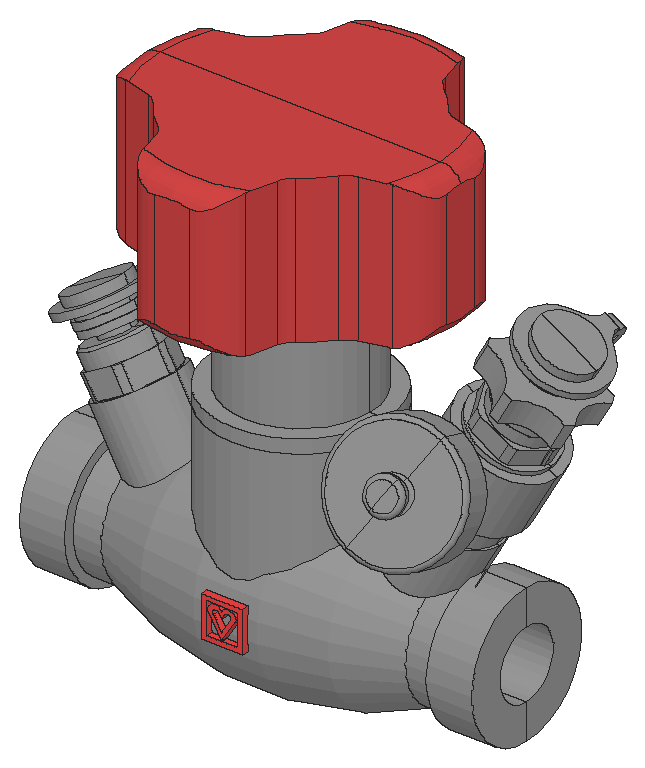
Revit family "HERZ Strömax клапан балансировочный с измерительными клапанами 4217 GML (LF-MF)", category Rohrzubehör, Revit 2021
Family settings
  Bemaßung runder Anschluss = Durchmesser verwenden
  Teiletyp = Unterbricht
  OmniClass-Nummer = 23.65.55.14
  OmniClass-Titel = Valves for Liquid Services
  Arbeitsebenenbasiert = Nein
  Immer vertikal = Ja
  Beim Laden mit Abzugskörper schneiden = Nein
  Gemeinsam genutzt = Nein
Parameters (values of type "LF")
  Среда = "Качество теплоносителя в соответствии с ÖNORM H5195 и VDI 2035.\r\nДопускается использование этилен- и пропиленгликоля в соотношении 25-50% с водой."
  Положение клапана при монтаже = "Неподнимающийся шпиндель, расположенный перпендикулярно оси клапана, обеспечивает доступность и лёгкость в обслуживании в любом монтажном положении."
  Область применения = "Балансировочные клапаны применяются для гидравлической балансировки систем отопления и охлаждения, регулировки магистральных трубопроводов, стояков, теплообменников, регистров отопления и охлаждения."
  Номер заказа [instance] = if(and(LF, Nennweite = 15.00 mm), 1421710, if(and(MF, Nennweite = 15.00 mm), 1421719, 0))  # 1421710
  Макс. рабочее давление = 1600000.0 Pa  # constant formula
  Макс. рабочая температура (с DN40) = 110 °C  # constant formula
  Макс. рабочая температура (до DN32) = 130 °C  # constant formula
  Корпус = "латунь, устойчивая к селективной цинковой коррозии"  # constant formula
  Исполнение = "STRÖMAX-GML Балансировочный клапан с измерительными клапанами и подключением импульсной трубки, 1/2′′ – 3′′.\r\nИсполнение с прямым невыдвижным шпинделем, муфта х муфта, латунный корпус без покрытия, уплотнение шпинделя двойным кольцевым уплотнением O-Ring, преднастройка посредством ограничения хода внутреннего шпинделя, цифровые показания степени настройки отображаются в окне маховика.\r\nОдин измерительный клапан расположен перед седлом балансировочного клапана, другой измерительный клапан с возможностью подключения импульсной трубки - после седла."
  Измерение перепада давления = "Клапаны STRÖMAX-GML оснащен двумя измерительными клапанами:\r\nс помощью измерительного прибора можно измерить перепад давления и по нему определить текущий расход в зависимости от степени преднастройки.\r\nHERZ Измерительный компьютер (1 8900 05) позволяет напрямую считывать расход (см. руководство к измерительным приборам)."
  kvs-значения [instance] = if(and(LF, Nennweite = 15.00 mm), 0.93, if(and(MF, Nennweite = 15.00 mm), 3.49, 0))  # 0.93
  W02 = 60.00°  # constant formula
  W01 = 30.00°  # constant formula
  Vorgabe-Ansicht = 0.00 mm
  URL = "www.herz-armaturen.ru"
  SC_NennweiteBerechnet = 0
  SC_Dimension = ""
  SCRNSEQ = "ARM;ARM_TYP=\"STRV\";2"
  SCRNCODE = "05;07;02"  # constant formula
  S02 = 60.00 mm  # constant formula
  S01 [instance] = H00 + H01  # 68.20 mm
  R01 [instance] = 21.00 mm  # constant formula
  Nennweite [instance] = 15.00 mm
  ML02 [instance] = 30.20 mm  # constant formula
  ML01 [instance] = 20.67 mm  # constant formula
  MF [instance] = no
  MD01 = 9.50 mm  # constant formula
  LF [instance] = yes
  L02 [instance] = 10.00 mm  # constant formula
  L01 [instance] = 16.30 mm  # constant formula
  L00 [instance] = 100.00 mm  # constant formula
  IG [instance] = Nennweite / 2  # 7.50 mm
  Hersteller = "HERZ Armaturen Ges.m.b.H."  # constant formula
  H04 [instance] = 2.50 mm  # constant formula
  H03 = 10.00 mm  # constant formula
  H02 [instance] = 3.00 mm  # constant formula
  H01 [instance] = 33.30 mm  # constant formula
  H00 [instance] = 34.90 mm  # constant formula
  Вес [instance] = if(and(LF, Nennweite = 15.00 mm), "0.98 kg", if(and(MF, Nennweite = 15.00 mm), "0.97 kg", "0 kg"))  # "0.98 kg"
  GT [instance] = 15.00 mm  # constant formula
  DN50-DN80 [instance] = H00 + H01  # 68.20 mm
  DN15-DN40 [instance] = H00 + H01  # 68.20 mm
  DN15 [instance] = Nennweite = 15.00 mm  # yes
  D06 [instance] = 15.40 mm  # constant formula
  D05 [instance] = 13.15 mm  # constant formula
  D04 = 9.00 mm  # constant formula
  D03 [instance] = 19.00 mm  # constant formula
  D02 [instance] = 15.25 mm  # constant formula
  D01 [instance] = 13.20 mm  # constant formula
Types (3, lengths in mm): name | Номер заказа | kvs-значения | MF | LF | Вес
  (no name) | 1421710 | 0.93 | no | yes | "0.98 kg"
  LF | 1421710 | 0.93 | no | yes | "0.98 kg"
  MF | 1421719 | 3.49 | yes | no | "0.97 kg"
Reference planes
  plane 1 "Mitte (Vorne/hinten)": y = 0
  plane 2: z = 0
  plane 3 "Mitte (Links/rechts)": x = 0
Forms (mm)
  Revolve 1, solid, material "Messing, weicher Gelbton, geschweißt", detail levels fine
    sketch origin (0, 0, 0) x (1, 0, 0) y (0, 0, 1)
      loop
        line (-50, 15.25) -> (-50, 7.5) -> (-35, 7.5) -> (-35, 0) -> (35, 0) -> (35, 7.5) -> (50, 7.5) -> (50, 15.25) -> (40, 15.25) -> (40, 13.2) -> (33.7, 13.2)
        arc (33.7, 13.2) -> (0, 21) -> (-33.7, 13.2) r 76.701
        line (-33.7, 13.2) -> (-40, 13.2) -> (-40, 15.25) -> (-50, 15.25)
      axis (-50, 0) -> (50, 0)
    angle from 0 to 360
  Revolve 2, solid, material "Messing, weicher Gelbton, geschweißt", detail levels fine
    sketch origin (0, 0, 0) x (1, 0, 0) y (0, 0, 1)
      loop
        line (20.67, 0) -> (35.77, 26.154) -> (27.543, 30.904) -> (12.443, 4.75) -> (20.67, 0)
      axis (20.67, 0) -> (35.77, 26.154)
    angle from 0 to 360
  Revolve 3, solid, material "Messing, weicher Gelbton, geschweißt", detail levels fine
    sketch origin (0, 0, 0) x (1, 0, 0) y (0, 0, 1)
      loop
        line (0, 0) -> (0, 34.9) -> (-19, 34.9) -> (-19, 0) -> (0, 0)
      axis (0, 34.9) -> (0, 0)
    angle from 0 to 360
  Revolve 4, solid, material "Messing, weicher Gelbton, geschweißt", detail levels fine
    sketch origin (0, 0, 0) x (-1, 0, 0) y (0, 0, 1)
      loop
        line (20.67, 0) -> (35.77, 26.154) -> (27.543, 30.904) -> (12.443, 4.75) -> (20.67, 0)
      axis (20.67, 0) -> (35.77, 26.154)
    angle from 0 to 360
  Revolve 5, solid, material "Messing, weicher Gelbton, geschweißt", detail levels fine
    sketch origin (0, 0, 0) x (1, 0, 0) y (0, 0, 1)
      loop
        line (0, 34.9) -> (0, 68.2) -> (-9, 68.2) -> (-9, 58.2) -> (-13.15, 58.2) -> (-13.15, 55.7) -> (-15.4, 55.7) -> (-15.4, 37.9) -> (-19, 37.9) -> (-19, 34.9) -> (0, 34.9)
      axis (0, 68.2) -> (0, 34.9)
    angle from 0 to 360
Lines and regions (mm)
  model lines, detail levels coarse+medium
    curve 1: line (-50, 0, 15.25) -> (-50, 0, -15.25)
    curve 2: line (-50, 0, -15.25) -> (50, 0, 15.25)
    curve 3: line (50, 0, 15.25) -> (50, 0, -15.25)
    curve 4: line (50, 0, -15.25) -> (-50, 0, 15.25)
    curve 5: line (0, 0, 0) -> (39.375, 0, 68.2)
    curve 6: line (13.395, 0, 83.2) -> (65.356, 0, 53.2)
    curve 7: line (-50, 15.25, 0) -> (-50, -15.25, 0)
    curve 8: line (-50, -15.25, 0) -> (50, 15.25, 0)
    curve 9: line (50, 15.25, 0) -> (50, -15.25, 0)
    curve 10: line (50, -15.25, 0) -> (-50, 15.25, 0)
    curve 11: line (0, 0, 0) -> (39.375, 68.2, 0)
    curve 12: line (13.395, 83.2, 0) -> (65.356, 53.2, 0)
Dimensions and locks
  "IG": Revolve 1 sketch curve to plane 2
  "GT": Revolve 1 sketch curve to Revolve 1 sketch curve  (x2)
  "IG": Revolve 1 sketch curve to Revolve 1 sketch curve
  "D01": Revolve 1 sketch curve to Revolve 1 sketch curve  (x2)
  "R01": Revolve 1 sketch curve to Revolve 1 sketch curve
  "L02": Revolve 1 sketch curve to Revolve 1 sketch curve  (x2)
  "L01": Revolve 1 sketch curve to Revolve 1 sketch curve  (x2)
  "D02": Revolve 1 sketch curve to plane 2  (x2)
  equal spacing: Revolve 1 sketch curve, plane 3 "Mitte (Links/rechts)", Revolve 1 sketch curve
  "L00": Revolve 1 sketch curve to Revolve 1 sketch curve
  "R01": nested 1 to plane 1 "Mitte (Vorne/hinten)"
  "ML01": Revolve 2 sketch curve to plane 3 "Mitte (Links/rechts)"
  "H00": Revolve 3 sketch curve to plane 2
  "D03": Revolve 3 sketch curve to Revolve 3 sketch curve
  "ML02": Revolve 2 sketch curve to Revolve 2 sketch curve
  "MD01": Revolve 2 sketch curve to Revolve 2 sketch curve  (x2)
  "ML02": Revolve 4 sketch curve to Revolve 4 sketch curve
  "MD01": Revolve 4 sketch curve to Revolve 4 sketch curve  (x2)
  "ML01": plane 3 "Mitte (Links/rechts)" to Revolve 4 sketch curve
  "H00": Revolve 5 sketch curve to plane 2
  "H01": Revolve 5 sketch curve to Revolve 5 sketch curve
  "D04": Revolve 5 sketch curve to Revolve 5 sketch curve
  "D03": Revolve 5 sketch curve to Revolve 5 sketch curve
  "D05": Revolve 5 sketch curve to Revolve 5 sketch curve
  "D06": Revolve 5 sketch curve to Revolve 5 sketch curve
  "H02": Revolve 5 sketch curve to Revolve 5 sketch curve
  "H03": Revolve 5 sketch curve to Revolve 5 sketch curve
  "H04": Revolve 5 sketch curve to Revolve 5 sketch curve
  "DN15-DN40": nested 2 to plane 2
  "D02": curve 4 to plane 2 to curve 2
  "D02": curve 3 to plane 2 to curve 4
  equal spacing: curve 1, plane 3 "Mitte (Links/rechts)", curve 3
  "L00": curve 1 to curve 3
  equal spacing: Revolve 1, curve 5, Revolve 1
  "S01": curve 5 to plane 2
  equal spacing: curve 6, curve 5, curve 6
  "S02": curve 6 to curve 6
  "D02": curve 8 to plane 1 "Mitte (Vorne/hinten)" to curve 10
  "D02": curve 10 to plane 1 "Mitte (Vorne/hinten)" to curve 9
  equal spacing: curve 7, plane 3 "Mitte (Links/rechts)", curve 9
  "L00": curve 7 to curve 9
  equal spacing: curve 7, curve 11, curve 9
  "S01": plane 1 "Mitte (Vorne/hinten)" to curve 11
  equal spacing: curve 12, curve 11, curve 12
  "S02": curve 12 to curve 12
  "W01": angle Revolve 2 sketch curve to plane 3 "Mitte (Links/rechts)"  (x2)
  "W01": angle plane 3 "Mitte (Links/rechts)" to Revolve 4 sketch curve  (x2)
  "W02": angle plane 2 to curve 5
  "W02": angle plane 1 "Mitte (Vorne/hinten)" to curve 11
  aligned and locked: level to plane 2
Automatic sketch dimensions
  Revolve 1 sketch curve to level = 0.00 mm  (x2)
  Revolve 1 sketch curve to Revolve 1 sketch curve = 1429.986 mm
  Revolve 1 sketch curve to Revolve 1 sketch curve = 1762.604 mm
  Revolve 2 sketch curve to level = 0.00 mm  (x2)
  Revolve 3 sketch curve to level = 0.00 mm
  Revolve 3 sketch curve to plane 3 "Mitte (Links/rechts)" = 0.00 mm  (x2)
  Revolve 3 sketch curve to Revolve 3 sketch curve = 366.045 mm
  Revolve 3 sketch curve to Revolve 3 sketch curve = 2179.415 mm
  Revolve 4 sketch curve to level = 0.00 mm  (x2)
  Revolve 5 sketch curve to plane 3 "Mitte (Links/rechts)" = 0.00 mm  (x2)
  Revolve 5 sketch curve to level = 366.045 mm
  Revolve 5 sketch curve to Revolve 5 sketch curve = 2146.115 mm
Nested families
  nested 1: "Herz-Logo-vorne" at (0, -21, 0) x (0, 1, 0) z (0, 0, 1), type "Herz-Logo-vorne", detail levels fine
  nested 2: "Strangregulierventil-Handrad-Gerade (Rot) DN15-DN40" at (0, 0, 68.2), visible <- "DN15", type "Strangregulierventil-Handrad-Gerade (Rot) DN15-DN40", detail levels fine
    with Nennweite 0.00 mm, Gewicht 0.00 kg, Bestellnummer 0
  nested 3: "Messstutzen_Band-KFE_Austritt_30Grad_(oben)" at (41.17, 0, 35.507), visible <- "DN15", type "Messstutzen_Band_Austritt_30Grad_(oben)", detail levels fine
    with Schutzkappe yes, Nennweite 0.00 mm, Gewicht 0.00 kg, Bestellnummer 0
  nested 4: "Messstutzen_Band_Eintritt_30Grad_(oben)" at (-27.02, 0, 10.999) x (-1, 0, 0) z (0, 0, 1), visible <- "DN15", type "Messstutzen_Band_Eintritt_30Grad_(oben)", detail levels fine
    with Schutzkappe yes, Nennweite 0.00 mm, Gewicht 0.00 kg, Bestellnummer 0
Connectors
  piping at (-35, 0, 0), diameter 15, driven by "Nennweite"
    settings: on Revolve 1, index 1, connector inside diameter 609.6 mm, connector length 0.00 mm, flow factor 0, pipe flow 0.0 L/s, pressure drop 0.0 Pa, fitting loss kfactor 0, connector angle 0.00°, fixture units 0, engagement length 0.00 mm, angle of deflection 0.00°, flow configuration 0, flow direction 1, fitting loss method 0, system type 29, joint type 0, gender type 0, connector reference index -1, connector utility 0, adjustable connector no, is connector primary yes, connector description ""
  piping at (35, 0, 0), diameter 15, driven by "Nennweite"
    settings: on Revolve 1, index 2, connector inside diameter 609.6 mm, connector length 0.00 mm, flow factor 0, pipe flow 0.0 L/s, pressure drop 0.0 Pa, fitting loss kfactor 0, connector angle 0.00°, fixture units 0, engagement length 0.00 mm, angle of deflection 0.00°, flow configuration 0, flow direction 2, fitting loss method 0, system type 29, joint type 0, gender type 0, connector reference index -1, connector utility 0, adjustable connector no, is connector primary no, connector description ""
Definition of nested family "Herz-Logo-vorne"
  Parameters (values of type "Herz-Logo-vorne")
    Default Elevation = 0.00 mm
  Reference planes
    plane 1 "Mitte (Vorne/hinten)": y = 0
    plane 2: z = 0
    plane 3 "Mitte (Links/rechts)": x = 0
  Forms (mm)
    Extrusion 1, solid
      sketch origin (0.732, -0.018, 0.017) x (0, -1, 0) y (0, 0, 1)
        loop
          line (-0.018, -4.517) -> (4.482, -4.517) -> (4.482, 4.483) -> (-4.518, 4.483) -> (-4.518, -4.517) -> (-0.018, -4.517)
        loop
          line (-0.05, -3.48) -> (3.482, -3.48) -> (3.482, 3.483) -> (-3.518, 3.483) -> (-3.518, -3.48) -> (-0.05, -3.48)
        loop
          arc (-0.018, 2.383) -> (-1.543, 3.287) -> (-3.067, 2.383) r 1.738
          arc (-3.067, 2.383) -> (-3.191, 1.899) -> (-3.067, 1.415) r 1.009
          line (-3.067, 1.415) -> (-0.018, -3.281) -> (3.032, 1.415)
          arc (3.032, 1.415) -> (3.156, 1.899) -> (3.032, 2.383) r 1.009
          arc (3.032, 2.383) -> (1.507, 3.287) -> (-0.018, 2.383) r 1.738
        loop
          arc (1.885, 1.272) -> (2.005, 1.675) -> (1.885, 2.079) r 0.74
          arc (1.885, 2.079) -> (1.265, 2.416) -> (0.644, 2.079) r 0.74
          line (0.644, 2.079) -> (-0.018, 0.97) -> (-0.679, 2.079)
          arc (-0.679, 2.079) -> (-1.3, 2.416) -> (-1.921, 2.079) r 0.74
          arc (-1.921, 2.079) -> (-2.04, 1.675) -> (-1.921, 1.272) r 0.74
          line (-1.921, 1.272) -> (-0.018, -1.658) -> (1.885, 1.272)
      from 0 to 1.5
  Dimensions and locks
    aligned and locked: level to plane 2
Definition of nested family "Strangregulierventil-Handrad-Gerade (Rot) DN15-DN40"
  Parameters (values of type "Strangregulierventil-Handrad-Gerade (Rot) DN15-DN40")
    Default Elevation = 0.00 mm
    URL = "www.herz-armaturen.at"
    Nennweite [instance] = 0.00 mm
    Manufacturer = "Herz Armaturen GmbH"  # constant formula
    Gewicht [instance] = 0.00 kg
    Bestellnummer [instance] = 0
  Reference planes
    plane 1 "Mitte (Vorne/hinten)": y = 0
    plane 2: z = 0
    plane 3 "Mitte (Links/rechts)": x = 0
  Forms (mm)
    Revolve 1, solid, detail levels fine
      sketch origin (0, 0, 0) x (1, 0, 0) y (0, 0, 1)
        loop
          line (0, 0) -> (0, 24.95) -> (-30.992, 24.95)
          arc (-30.992, 24.95) -> (-34.37, 23.636) -> (-35.973, 20.386) r 5
          line (-35.973, 20.386) -> (-37, 8.65) -> (-35.986, -2.936)
          arc (-35.986, -2.936) -> (-34.383, -6.186) -> (-31.005, -7.5) r 5
          line (-31.005, -7.5) -> (-15, -7.5) -> (-15, 0) -> (0, 0)
        axis (0, 24.95) -> (0, -7.5)
      angle from 0 to 360
    Extrusion 2, void
      sketch origin (0, 0, 20.3) x (1, 0, 0) y (0, 1, 0)
        loop
          line (3.861, 35.5) -> (-3.861, 35.5)
          arc (-3.861, 35.5) -> (-8.731, 33.847) -> (-11.589, 29.571) r 8
          line (-11.589, 29.571) -> (-13.284, 23.245)
          arc (-13.284, 23.245) -> (-13.982, 21.722) -> (-15.144, 20.516) r 5
          arc (-15.144, 20.516) -> (-18.031, 18.031) -> (-20.516, 15.144) r 25.5
          arc (-20.516, 15.144) -> (-21.722, 13.982) -> (-23.245, 13.284) r 5
          line (-23.245, 13.284) -> (-29.571, 11.589)
          arc (-29.571, 11.589) -> (-33.847, 8.731) -> (-35.5, 3.861) r 8
          line (-35.5, 3.861) -> (-35.5, -3.861)
          arc (-35.5, -3.861) -> (-33.847, -8.731) -> (-29.571, -11.589) r 8
          line (-29.571, -11.589) -> (-23.245, -13.284)
          arc (-23.245, -13.284) -> (-21.722, -13.982) -> (-20.516, -15.144) r 5
          arc (-20.516, -15.144) -> (-18.031, -18.031) -> (-15.144, -20.516) r 25.5
          arc (-15.144, -20.516) -> (-13.982, -21.722) -> (-13.284, -23.245) r 5
          line (-13.284, -23.245) -> (-11.589, -29.571)
          arc (-11.589, -29.571) -> (-8.731, -33.847) -> (-3.861, -35.5) r 8
          line (-3.861, -35.5) -> (3.861, -35.5)
          arc (3.861, -35.5) -> (8.731, -33.847) -> (11.589, -29.571) r 8
          line (11.589, -29.571) -> (13.284, -23.245)
          arc (13.284, -23.245) -> (13.982, -21.722) -> (15.144, -20.516) r 5
          arc (15.144, -20.516) -> (18.031, -18.031) -> (20.516, -15.144) r 25.5
          arc (20.516, -15.144) -> (21.722, -13.982) -> (23.245, -13.284) r 5
          line (23.245, -13.284) -> (29.571, -11.589)
          arc (29.571, -11.589) -> (33.847, -8.731) -> (35.5, -3.861) r 8
          line (35.5, -3.861) -> (35.5, 3.861)
          arc (35.5, 3.861) -> (33.847, 8.731) -> (29.571, 11.589) r 8
          line (29.571, 11.589) -> (23.245, 13.284)
          arc (23.245, 13.284) -> (21.722, 13.982) -> (20.516, 15.144) r 5
          arc (20.516, 15.144) -> (18.031, 18.031) -> (15.144, 20.516) r 25.5
          arc (15.144, 20.516) -> (13.982, 21.722) -> (13.284, 23.245) r 5
          line (13.284, 23.245) -> (11.589, 29.571)
          arc (11.589, 29.571) -> (8.731, 33.847) -> (3.861, 35.5) r 8
        loop
          circle (0, 0) r 38
      from -31.266 to 7.923
  Cuts and joins
    Extrusion 2 cuts Revolve 1
  Dimensions and locks
    Revolve 1 sketch curve to Revolve 1 sketch curve = 15.00 mm
    Revolve 1 sketch curve to Revolve 1 sketch curve = 16.15 mm
    Revolve 1 sketch curve to Revolve 1 sketch curve = 16.30 mm
    angle Revolve 1 sketch curve to Revolve 1 sketch curve = 95.00°
    aligned and locked: level to plane 2
Definition of nested family "Messstutzen_Band-KFE_Austritt_30Grad_(oben)"
  Parameters (values of type "Messstutzen_Band-KFE_Austritt_30Grad_(oben)")
    Default Elevation = 0.00 mm
    URL = "www.herz-armaturen.at"
    Schutzkappe [instance] = yes
    Nennweite [instance] = 0.00 mm
    Manufacturer = "Herz Armaturen GmbH"  # constant formula
    Gewicht [instance] = 0.00 kg
    Bestellnummer [instance] = 0
  Reference planes
    plane 1 "Mitte (Vorne/hinten)": y = 0
    plane 2: z = 0
    plane 3 "Mitte (Links/rechts)": x = 0
  Forms (mm)
    Revolve 1, solid, detail levels fine
      sketch origin (0, 0, 0) x (0.866025, 0, -0.5) y (0.5, 0, 0.866025)
        loop
          line (-7.4, 9) -> (-5.55, 9) -> (-5.55, 6)
          arc (-5.55, 6) -> (-5.626, 5.617) -> (-5.843, 5.293) r 1
          line (-5.843, 5.293) -> (-6.455, 4.681) -> (-6.455, 0.9) -> (-5.555, 0) -> (-2, 0) -> (-2, 23) -> (-2, 35.8) -> (-3.805, 35.8) -> (-4.415, 35.19) -> (-4.415, 30.863) -> (-3.7, 30.45) -> (-3.7, 27) -> (-7.4, 27) -> (-7.4, 9)
        axis (0, 0) -> (0, 35.8)
      angle from 0 to 360
    Extrusion 2, solid, detail levels fine
      sketch origin (8.75, 0, 15.155) x (0, 1, 0) y (-0.866025, 0, 0.5)
        loop
          arc (-7.07, 5.156) -> (-7.578, 4.375) -> (-8, 3.544) r 8.75
          line (-8, 3.544) -> (-8, -3.544)
          arc (-8, -3.544) -> (-7.578, -4.375) -> (-7.07, -5.156) r 8.75
          line (-7.07, -5.156) -> (-0.93, -8.7)
          arc (-0.93, -8.7) -> (0, -8.75) -> (0.93, -8.7) r 8.75
          line (0.93, -8.7) -> (7.07, -5.156)
          arc (7.07, -5.156) -> (7.578, -4.375) -> (8, -3.544) r 8.75
          line (8, -3.544) -> (8, 3.544)
          arc (8, 3.544) -> (7.578, 4.375) -> (7.07, 5.156) r 8.75
          line (7.07, 5.156) -> (0.93, 8.7)
          arc (0.93, 8.7) -> (0, 8.75) -> (-0.93, 8.7) r 8.75
          line (-0.93, 8.7) -> (-7.07, 5.156)
      from -5.51 to -1.21
    Revolve 3, solid, visible <- "Schutzkappe", detail levels fine
      sketch origin (0, 0, 0) x (0.866025, 0, -0.5) y (0.5, 0, 0.866025)
        loop
          line (0, 35.878) -> (0, 36.678) -> (-7, 36.678) -> (-7, 33.378) -> (-6.1, 33.378) -> (-6.1, 31.678) -> (-6.9, 31.678) -> (-6.9, 30.178) -> (-4.415, 30.178) -> (-4.415, 35.268) -> (-3.805, 35.878) -> (0, 35.878)
        axis (0, 30.178) -> (0, 36.678)
      angle from 0 to 360
    Extrusion 4, solid, detail levels fine
      sketch origin (15, 0, 25.981) x (0, 1, 0) y (0.866025, 0, -0.5)
        loop
          circle (0, 0) r 3.7
        loop
          arc (5.505, -3.906) -> (7.288, -2.358) -> (9.582, -1.8) r 5
          line (9.582, -1.8) -> (9.582, 1.8)
          arc (9.582, 1.8) -> (7.288, 2.358) -> (5.505, 3.906) r 5
          arc (5.505, 3.906) -> (-6.75, 0) -> (5.505, -3.906) r 6.75
      from 0 to -1.5
    Extrusion 5, solid, detail levels fine
      sketch origin (16.589, 0, 28.733) x (0, 1, 0) y (0.866025, 0, -0.5)
        loop
          circle (0, 0) r 6.1
        loop
          arc (8.652, -4.495) -> (10.493, -2.527) -> (13.089, -1.8) r 5
          line (13.089, -1.8) -> (13.089, 1.8)
          arc (13.089, 1.8) -> (10.493, 2.527) -> (8.652, 4.495) r 5
          arc (8.652, 4.495) -> (-9.75, 0) -> (8.652, -4.495) r 9.75
      from 0 to -1.5
    Sweep 6, solid, detail levels fine
      path origin (0, 0, 0) x (-0.5, 0, -0.866025) y (0, 1, 0)
        loop
          line (-29.25, 9.582) -> (-29.25, 14.522)
          arc (-29.25, 14.522) -> (-30.839, 16.112) -> (-32.428, 14.522) r 1.589
          line (-32.428, 14.522) -> (-32.428, 13.089)
      profile origin (14.625, 12.052, 25.331) x (0.5, 0, 0.866025) y (0.866025, 0, -0.5)
        loop
          line (-0.75, -1.8) -> (0.75, -1.8) -> (0.75, 1.8) -> (-0.75, 1.8) -> (-0.75, -1.8)
    Extrusion 7, solid, detail levels fine
      sketch origin (-87.639, 0, 50.598) x (0.866025, 0, -0.5) y (0, 1, 0)
        loop
          arc (112.053, 5.113) -> (111.589, 6) -> (111.053, 6.845) r 12
          arc (111.053, 6.845) -> (105.696, 7.794) -> (102.196, 11.958) r 7.971
          arc (102.196, 11.958) -> (101.196, 12) -> (100.196, 11.958) r 12
          arc (100.196, 11.958) -> (96.696, 7.794) -> (91.34, 6.845) r 7.971
          arc (91.34, 6.845) -> (90.804, 6) -> (90.34, 5.113) r 12
          arc (90.34, 5.113) -> (92.196, 0) -> (90.34, -5.113) r 7.971
          arc (90.34, -5.113) -> (90.804, -6) -> (91.34, -6.845) r 12
          arc (91.34, -6.845) -> (96.696, -7.794) -> (100.196, -11.958) r 7.971
          arc (100.196, -11.958) -> (101.196, -12) -> (102.196, -11.958) r 12
          arc (102.196, -11.958) -> (105.696, -7.794) -> (111.053, -6.845) r 7.971
          arc (111.053, -6.845) -> (111.589, -6) -> (112.053, -5.113) r 12
          arc (112.053, -5.113) -> (110.196, 0) -> (112.053, 5.113) r 7.971
      from 22.3 to 28.5
    Revolve 8, solid, detail levels fine
      sketch origin (-47.563, 0, 4.367) x (-0.866025, 0, 0.5) y (0.5, 0, 0.866025)
        loop
          line (-43.374, 0) -> (-37.874, 0) -> (-36.774, 1.1) -> (-36.774, 4.9) -> (-37.874, 6) -> (-37.874, 8.4) -> (-36.424, 8.4) -> (-36.424, 9.2) -> (-34.424, 9.2) -> (-34.424, 15.59) -> (-31.874, 15.59) -> (-31.874, 30.99) -> (-33.874, 30.99) -> (-33.874, 31.99) -> (-43.374, 31.99) -> (-43.374, 0)
        loop
          line (-43.374, 39) -> (-43.374, 36.29) -> (-35.874, 36.29) -> (-35.874, 39) -> (-43.374, 39)
        axis (-43.374, 39) -> (-43.374, 0)
      angle from 0 to 360
    Revolve 9, solid, detail levels fine
      sketch origin (0, 0, 0) x (0, -1, 0) y (0.5, 0, 0.866025)
        loop
          line (0, -1.01) -> (32.627, 14.204) -> (27.556, 25.08) -> (25.934, 25.67) -> (21.602, 23.65) -> (14.873, 11.994) -> (-2.324, 3.975) -> (0, -1.01)
        axis (32.627, 14.204) -> (0, -1.01)
      angle from 0 to 360
    Revolve 10, solid, detail levels fine
      sketch origin (-19.899, -51.188, -34.465) x (-0.453154, -0.422618, -0.784886) y (0.211309, -0.906308, 0.365998)
        loop
          line (-56.786, 8) -> (-45.747, 8) -> (-45.747, 0) -> (-43.834, 0) -> (-42.786, 1.048) -> (-42.786, 8.048)
          arc (-42.786, 8.048) -> (-43.065, 8.721) -> (-43.738, 9) r 0.952
          line (-43.738, 9) -> (-52.974, 9)
          arc (-52.974, 9) -> (-53.548, 9.238) -> (-53.786, 9.812) r 0.812
          line (-53.786, 9.812) -> (-53.786, 12) -> (-52.786, 12) -> (-52.786, 13.03)
          arc (-52.786, 13.03) -> (-53.07, 13.716) -> (-53.756, 14) r 0.97
          line (-53.756, 14) -> (-56.786, 14) -> (-56.786, 8)
        axis (-56.786, 14) -> (-56.786, 0)
      angle from 0 to 360
  Dimensions and locks
    aligned and locked: level to plane 2
Definition of nested family "Messstutzen_Band_Eintritt_30Grad_(oben)"
  Parameters (values of type "Messstutzen_Band_Eintritt_30Grad_(oben)")
    Default Elevation = 0.00 mm
    URL = "www.herz-armaturen.at"
    Schutzkappe [instance] = yes
    Nennweite [instance] = 0.00 mm
    Manufacturer = "Herz Armaturen GmbH"  # constant formula
    Gewicht [instance] = 0.00 kg
    Bestellnummer [instance] = 0
  Reference planes
    plane 1 "Mitte (Vorne/hinten)": y = 0
    plane 2: z = 0
    plane 3 "Mitte (Links/rechts)": x = 0
  Forms (mm)
    Revolve 1, solid, detail levels fine
      sketch origin (0, 0, 0) x (0.866025, 0, -0.5) y (0.5, 0, 0.866025)
        loop
          line (-7.4, 9) -> (-5.55, 9) -> (-5.55, 6)
          arc (-5.55, 6) -> (-5.626, 5.617) -> (-5.843, 5.293) r 1
          line (-5.843, 5.293) -> (-6.455, 4.681) -> (-6.455, 0.9) -> (-5.555, 0) -> (-2, 0) -> (-2, 17.5) -> (-8.4, 17.5)
          arc (-8.4, 17.5) -> (-7.693, 17.207) -> (-7.4, 16.5) r 1
          line (-7.4, 16.5) -> (-7.4, 9)
        loop
          line (-3.7, 27) -> (-7.3, 27) -> (-7.9, 26.4) -> (-7.9, 23) -> (-2, 23) -> (-2, 35.8) -> (-3.805, 35.8) -> (-4.415, 35.19) -> (-4.415, 30.863) -> (-3.7, 30.45) -> (-3.7, 27)
        axis (0, 0) -> (0, 35.8)
      angle from 0 to 360
    Extrusion 2, solid, detail levels fine
      sketch origin (8.75, 0, 15.155) x (0, 1, 0) y (-0.866025, 0, 0.5)
        loop
          arc (-7.07, 5.156) -> (-7.578, 4.375) -> (-8, 3.544) r 8.75
          line (-8, 3.544) -> (-8, -3.544)
          arc (-8, -3.544) -> (-7.578, -4.375) -> (-7.07, -5.156) r 8.75
          line (-7.07, -5.156) -> (-0.93, -8.7)
          arc (-0.93, -8.7) -> (0, -8.75) -> (0.93, -8.7) r 8.75
          line (0.93, -8.7) -> (7.07, -5.156)
          arc (7.07, -5.156) -> (7.578, -4.375) -> (8, -3.544) r 8.75
          line (8, -3.544) -> (8, 3.544)
          arc (8, 3.544) -> (7.578, 4.375) -> (7.07, 5.156) r 8.75
          line (7.07, 5.156) -> (0.93, 8.7)
          arc (0.93, 8.7) -> (0, 8.75) -> (-0.93, 8.7) r 8.75
          line (-0.93, 8.7) -> (-7.07, 5.156)
      from 0 to 5.5
    Revolve 3, solid, visible <- "Schutzkappe", detail levels fine
      sketch origin (0, 0, 0) x (0.866025, 0, -0.5) y (0.5, 0, 0.866025)
        loop
          line (0, 35.878) -> (0, 36.678) -> (-7, 36.678) -> (-7, 33.378) -> (-6.1, 33.378) -> (-6.1, 31.678) -> (-6.9, 31.678) -> (-6.9, 30.178) -> (-4.415, 30.178) -> (-4.415, 35.268) -> (-3.805, 35.878) -> (0, 35.878)
        axis (0, 30.178) -> (0, 36.678)
      angle from 0 to 360
    Extrusion 4, solid, detail levels fine
      sketch origin (14.25, 0, 24.682) x (0, 1, 0) y (0.866025, 0, -0.5)
        loop
          circle (0, 0) r 3.7
        loop
          arc (5.505, -3.906) -> (7.288, -2.358) -> (9.582, -1.8) r 5
          line (9.582, -1.8) -> (9.582, 1.8)
          arc (9.582, 1.8) -> (7.288, 2.358) -> (5.505, 3.906) r 5
          arc (5.505, 3.906) -> (-6.75, 0) -> (5.505, -3.906) r 6.75
      from 0 to -1.5
    Extrusion 5, solid, detail levels fine
      sketch origin (16.589, 0, 28.733) x (0, 1, 0) y (0.866025, 0, -0.5)
        loop
          circle (0, 0) r 6.1
        loop
          arc (8.652, -4.495) -> (10.493, -2.527) -> (13.089, -1.8) r 5
          line (13.089, -1.8) -> (13.089, 1.8)
          arc (13.089, 1.8) -> (10.493, 2.527) -> (8.652, 4.495) r 5
          arc (8.652, 4.495) -> (-9.75, 0) -> (8.652, -4.495) r 9.75
      from 0 to -1.5
    Sweep 6, solid, detail levels fine
      path origin (0.933, -0.183, 1.116) x (-0.5, 0, -0.866025) y (0, 1, 0)
        loop
          line (-27.75, 9.582) -> (-27.75, 14.522)
          arc (-27.75, 14.522) -> (-30.089, 16.862) -> (-32.428, 14.522) r 2.339
          line (-32.428, 14.522) -> (-32.428, 13.089)
      profile origin (14.808, 11.869, 25.148) x (0.5, 0, 0.866025) y (0.866025, 0, -0.5)
        loop
          line (-0.75, -1.8) -> (0.75, -1.8) -> (0.75, 1.8) -> (-0.75, 1.8) -> (-0.75, -1.8)
  Dimensions and locks
    aligned and locked: level to plane 2
